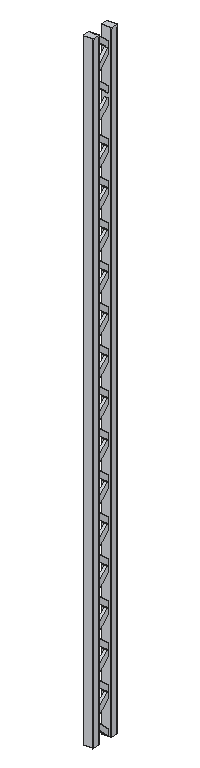
Revit family "GT24_4800_Rot", category Generic Models, Revit 2019
Family settings
  Can host rebar = No
  Round Connector Dimension = Use Diameter
  Part Type = Normal
  Work Plane-Based = Yes
  Always vertical = No
  Cut with Voids When Loaded = No
  Shared = No
  Room Calculation Point = No
Parameters
  Rot_Angle = 0.00°
  Default Elevation = 1219.2 mm
Reference planes
  plane 1 "Center (Front/Back)": y = 0
  plane 2: z = 0
  plane 3 "Center (Left/Right)": x = 0
Lines and regions (mm)
  reference lines
    curve 1: line (0, 0, 0) -> (0, 1160, 0)
Dimensions and locks
  "Rot_Angle": angle level to curve 1
  aligned and locked: level to plane 2
  aligned and locked: plane 1 "Center (Front/Back)" to curve 1
  aligned and locked: level to curve 1
Nested families
  nested 1: "GT24Grider4800" at (0, 0, 0), type "GT24Grider4800"
Definition of nested family "GT24Grider4800"
  Reference planes
    plane 1 "Center (Front/Back)": y = 0
    plane 2: z = 0
    plane 3 "Center (Left/Right)": x = 0
  Forms (mm)
    Extrusion 1, solid
      sketch origin (-40, 60, 0) x (1, 0, 0) y (0, 1, 0)
        loop
          line (5, 0) -> (75, 0)
          arc (75, 0) -> (78.536, 1.464) -> (80, 5) r 5
          line (80, 5) -> (80, 55)
          arc (80, 55) -> (78.536, 58.536) -> (75, 60) r 5
          line (75, 60) -> (5, 60)
          arc (5, 60) -> (1.464, 58.536) -> (0, 55) r 5
          line (0, 55) -> (0, 5)
          arc (0, 5) -> (1.464, 1.464) -> (5, 0) r 5
      from 0 to 5000
    Extrusion 2, solid
      sketch origin (-40, -60, 0) x (1, 0, 0) y (0, 1, 0)
        loop
          arc (5, 0) -> (1.464, -1.464) -> (0, -5) r 5
          line (0, -5) -> (0, -55)
          arc (0, -55) -> (1.464, -58.536) -> (5, -60) r 5
          line (5, -60) -> (75, -60)
          arc (75, -60) -> (78.536, -58.536) -> (80, -55) r 5
          line (80, -55) -> (80, -5)
          arc (80, -5) -> (78.536, -1.464) -> (75, 0) r 5
          line (75, 0) -> (5, 0)
      from 0 to 5000
    Extrusion 3, solid
      sketch origin (0, 0, 0) x (0, 1, 0) y (0, 0, 1)
        loop
          line (60, 261) -> (60, 311) -> (-60, 213) -> (-60, 163) -> (60, 261)
      from -14 to 14
    Extrusion 4, solid
      sketch origin (0, 0, 622) x (0, 1, 0) y (0, 0, 1)
        loop
          line (60, -261) -> (-60, -163) -> (-60, -213) -> (60, -311) -> (60, -261)
      from -14 to 14
    Extrusion 5, solid
      sketch origin (0, 0, 296) x (0, 1, 0) y (0, 0, 1)
        loop
          line (60, 261) -> (60, 311) -> (-60, 213) -> (-60, 163) -> (60, 261)
      from -14 to 14
    Extrusion 6, solid
      sketch origin (0, 0, 592) x (0, 1, 0) y (0, 0, 1)
        loop
          line (60, 261) -> (60, 311) -> (-60, 213) -> (-60, 163) -> (60, 261)
      from -14 to 14
    Extrusion 7, solid
      sketch origin (0, 0, 888) x (0, 1, 0) y (0, 0, 1)
        loop
          line (60, 261) -> (60, 311) -> (-60, 213) -> (-60, 163) -> (60, 261)
      from -14 to 14
    Extrusion 8, solid
      sketch origin (0, 0, 1184) x (0, 1, 0) y (0, 0, 1)
        loop
          line (60, 261) -> (60, 311) -> (-60, 213) -> (-60, 163) -> (60, 261)
      from -14 to 14
    Extrusion 9, solid
      sketch origin (0, 0, 1480) x (0, 1, 0) y (0, 0, 1)
        loop
          line (60, 261) -> (60, 311) -> (-60, 213) -> (-60, 163) -> (60, 261)
      from -14 to 14
    Extrusion 10, solid
      sketch origin (0, 0, 1776) x (0, 1, 0) y (0, 0, 1)
        loop
          line (60, 261) -> (60, 311) -> (-60, 213) -> (-60, 163) -> (60, 261)
      from -14 to 14
    Extrusion 11, solid
      sketch origin (0, 0, 4524) x (0, 1, 0) y (0, 0, 1)
        loop
          line (60, 278) -> (60, 328) -> (-60, 213) -> (-60, 163) -> (60, 278)
      from -14 to 14
    Extrusion 12, solid
      sketch origin (0, 0, 918) x (0, 1, 0) y (0, 0, 1)
        loop
          line (60, -261) -> (-60, -163) -> (-60, -213) -> (60, -311) -> (60, -261)
      from -14 to 14
    Extrusion 13, solid
      sketch origin (0, 0, 1214) x (0, 1, 0) y (0, 0, 1)
        loop
          line (60, -261) -> (-60, -163) -> (-60, -213) -> (60, -311) -> (60, -261)
      from -14 to 14
    Extrusion 14, solid
      sketch origin (0, 0, 1510) x (0, 1, 0) y (0, 0, 1)
        loop
          line (60, -261) -> (-60, -163) -> (-60, -213) -> (60, -311) -> (60, -261)
      from -14 to 14
    Extrusion 15, solid
      sketch origin (0, 0, 1806) x (0, 1, 0) y (0, 0, 1)
        loop
          line (60, -261) -> (-60, -163) -> (-60, -213) -> (60, -311) -> (60, -261)
      from -14 to 14
    Extrusion 16, solid
      sketch origin (0, 0, 2102) x (0, 1, 0) y (0, 0, 1)
        loop
          line (60, -261) -> (-60, -163) -> (-60, -213) -> (60, -311) -> (60, -261)
      from -14 to 14
    Extrusion 17, solid
      sketch origin (0, 0, 2398) x (0, 1, 0) y (0, 0, 1)
        loop
          line (60, -261) -> (-60, -163) -> (-60, -213) -> (60, -311) -> (60, -261)
      from -14 to 14
    Extrusion 18, solid
      sketch origin (0, 0, 326) x (0, 1, 0) y (0, 0, 1)
        loop
          line (60, -326) -> (60, -276) -> (-60, -163) -> (-60, -213) -> (60, -326)
      from -14 to 14
    Extrusion 19, solid
      sketch origin (0, 0, 2072) x (0, 1, 0) y (0, 0, 1)
        loop
          line (60, 261) -> (60, 311) -> (-60, 213) -> (-60, 163) -> (60, 261)
      from -14 to 14
    Extrusion 20, solid
      sketch origin (0, 0, 2694) x (0, 1, 0) y (0, 0, 1)
        loop
          line (60, -261) -> (-60, -163) -> (-60, -213) -> (60, -311) -> (60, -261)
      from -14 to 14
    Extrusion 21, solid
      sketch origin (0, 0, 2368) x (0, 1, 0) y (0, 0, 1)
        loop
          line (60, 261) -> (60, 311) -> (-60, 213) -> (-60, 163) -> (60, 261)
      from -14 to 14
    Extrusion 22, solid
      sketch origin (0, 0, 2990) x (0, 1, 0) y (0, 0, 1)
        loop
          line (60, -261) -> (-60, -163) -> (-60, -213) -> (60, -311) -> (60, -261)
      from -14 to 14
    Extrusion 23, solid
      sketch origin (0, 0, 2664) x (0, 1, 0) y (0, 0, 1)
        loop
          line (60, 261) -> (60, 311) -> (-60, 213) -> (-60, 163) -> (60, 261)
      from -14 to 14
    Extrusion 24, solid
      sketch origin (0, 0, 3286) x (0, 1, 0) y (0, 0, 1)
        loop
          line (60, -261) -> (-60, -163) -> (-60, -213) -> (60, -311) -> (60, -261)
      from -14 to 14
    Extrusion 25, solid
      sketch origin (0, 0, 2960) x (0, 1, 0) y (0, 0, 1)
        loop
          line (60, 261) -> (60, 311) -> (-60, 213) -> (-60, 163) -> (60, 261)
      from -14 to 14
    Extrusion 26, solid
      sketch origin (0, 0, 3582) x (0, 1, 0) y (0, 0, 1)
        loop
          line (60, -261) -> (-60, -163) -> (-60, -213) -> (60, -311) -> (60, -261)
      from -14 to 14
    Extrusion 27, solid
      sketch origin (0, 0, 3256) x (0, 1, 0) y (0, 0, 1)
        loop
          line (60, 261) -> (60, 311) -> (-60, 213) -> (-60, 163) -> (60, 261)
      from -14 to 14
    Extrusion 28, solid
      sketch origin (0, 0, 3878) x (0, 1, 0) y (0, 0, 1)
        loop
          line (60, -261) -> (-60, -163) -> (-60, -213) -> (60, -311) -> (60, -261)
      from -14 to 14
    Extrusion 29, solid
      sketch origin (0, 0, 3552) x (0, 1, 0) y (0, 0, 1)
        loop
          line (60, 261) -> (60, 311) -> (-60, 213) -> (-60, 163) -> (60, 261)
      from -14 to 14
    Extrusion 30, solid
      sketch origin (0, 0, 4174) x (0, 1, 0) y (0, 0, 1)
        loop
          line (60, -261) -> (-60, -163) -> (-60, -213) -> (60, -311) -> (60, -261)
      from -14 to 14
    Extrusion 31, solid
      sketch origin (0, 0, 3848) x (0, 1, 0) y (0, 0, 1)
        loop
          line (60, 261) -> (60, 311) -> (-60, 213) -> (-60, 163) -> (60, 261)
      from -14 to 14
    Extrusion 32, solid
      sketch origin (0, 0, 4470) x (0, 1, 0) y (0, 0, 1)
        loop
          line (60, -261) -> (-60, -163) -> (-60, -213) -> (60, -311) -> (60, -261)
      from -14 to 14
    Extrusion 33, solid
      sketch origin (0, 0, 4184) x (0, 1, 0) y (0, 0, 1)
        loop
          line (60, 261) -> (60, 311) -> (-60, 213) -> (-60, 163) -> (60, 261)
      from -14 to 14
    Extrusion 34, solid
      sketch origin (0, 0, 4846) x (0, 1, 0) y (0, 0, 1)
        loop
          line (60, -261) -> (-60, -163) -> (-60, -213) -> (60, -311) -> (60, -261)
      from -14 to 14
    Extrusion 35, solid
      sketch origin (0, 0, 5163) x (0, 1, 0) y (0, 0, 1)
        loop
          line (60, -261) -> (-60, -163) -> (-60, -213) -> (60, -311) -> (60, -261)
      from -14 to 14
  Cuts and joins
    joined: Extrusion 1, Extrusion 2, Extrusion 3, Extrusion 4, Extrusion 5, Extrusion 6, Extrusion 7, Extrusion 8, Extrusion 9, Extrusion 10, Extrusion 11, Extrusion 12, Extrusion 13, Extrusion 14, Extrusion 15, Extrusion 16, Extrusion 17, Extrusion 18, Extrusion 19, Extrusion 20, Extrusion 21, Extrusion 22, Extrusion 23, Extrusion 24, Extrusion 25, Extrusion 26, Extrusion 27, Extrusion 28, Extrusion 29, Extrusion 30, Extrusion 31, Extrusion 32, Extrusion 33, Extrusion 34
  Dimensions and locks
    Extrusion 1 to Extrusion 2 = 240 mm
    aligned and locked: level to plane 2
